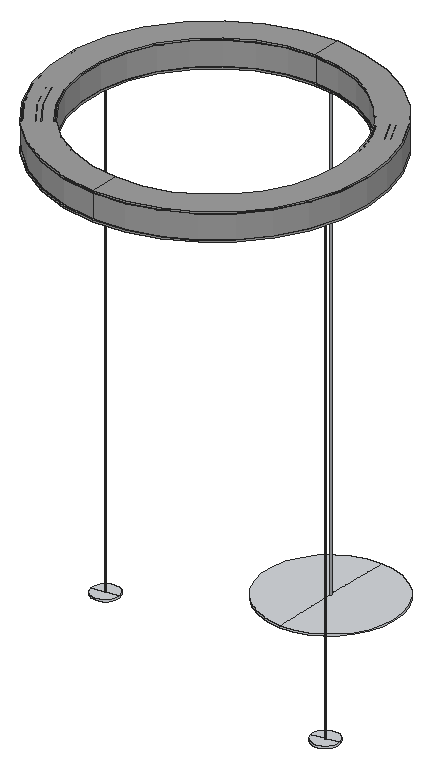
Revit family "VRIO-DPMK", category Lighting Fixtures, host Face, Revit 2022
Family settings
  Host = Face
  Round Connector Dimension = Use Diameter
  Part Type = Normal
  Cut with Voids When Loaded = Yes
  Light Source = Yes
  Maintain Annotation Orientation = No
  Shared = No
  Room Calculation Point = No
Parameters (values of type "VRIO-65W-3000K-DPMK")
  cable = R - 0' 0 1/32"  # 0' - 11 197/256"
  Wattage Comments = "65W"
  Wattage = 30.1598 W
  built-in parameter 1150110 = 1 (stored number, unit not read)
  URL = ""
  built-in parameter 1114217 = 1 (stored number, unit not read)
  Tilt Angle = 90.00°
  built-in parameter 1150109 = 1 (stored number, unit not read)
  built-in parameter 1150134 = (empty or 0)
  Suspension = 3' - 0"
  built-in parameter 1150113 = 1 (stored number, unit not read)
  Power Factor = "0.9"
  Photometric Web File = "VRIO_6524_30901.ies"
  Model = "VRIO-6524-30901-DPMK-WH"
  Manufacturer = "Above All Lighting"  # constant formula
  built-in parameter 1150105 = 526.9 (stored number, unit not read)
  Lumens = 4480 lm
  built-in parameter 1150115 = 1 (stored number, unit not read)
  Load Classification = Lighting
  built-in parameter 1150137 = (empty or 0)
  built-in parameter 1150139 = (empty or 0)
  built-in parameter 1150112 = 1 (stored number, unit not read)
  built-in parameter 1150114 = 1 (stored number, unit not read)
  Lamp = "LED"
  Input Voltage = "120-277V"
  built-in parameter 1150132 = 2
  built-in parameter 1150102 = (empty or 0)
  built-in parameter 1150107 = 3000 (stored number, unit not read)
  built-in parameter 1150138 = (empty or 0)
  built-in parameter 1150106 = 5.269 (stored number, unit not read)
  built-in parameter 1150104 = 13.8 (stored number, unit not read)
  Dimming Lamp Color Temperature Shift = <None>
  Default Elevation = 0' - 0"
  R = 0' - 11 205/256"
  D1R = 0.5 * D1  # 0' - 4.90039"
  D1 = 0' - 9 205/256"
  Color Filter = 16777215
  Canopy R = R - 0' 0 77/128"  # 0' - 11 51/256"
  Cable Count = 2
  CRI = "90"
  Beam Angle = 0.00°
  built-in parameter 1114218 = 1 (stored number, unit not read)
  built-in parameter 1150133 = 10 (stored number, unit not read)
  300W 13.8'' Canopy = no
  200W 13.8'' Canopy = no
  13.8'' Canopy = no
  10'' Canopy 4 = no
  10'' Canopy 3 = no
  10'' Canopy 2 = no
  10'' Canopy 1 = yes
Types (10): name | cable | Wattage Comments | Wattage | Photometric Web File | Model | built-in parameter 1150105 | Lumens | built-in parameter 1150106 | R | D1R | D1 | Canopy R | Cable Count | 300W 13.8'' Canopy | 200W 13.8'' Canopy | 13.8'' Canopy | 10'' Canopy 4 | 10'' Canopy 3 | 10'' Canopy 2 | 10'' Canopy 1
  (no name) | 0' - 11 197/256" | "65W" | 30.1598 W | "VRIO_6524_30901.ies" | "VRIO-6524-30901-DPMK-WH" | 526.9 (stored number, unit not read) | 4480 lm | 5.269 (stored number, unit not read) | 0' - 11 205/256" | 0' - 4.90039" | 0' - 9 205/256" | 0' - 11 51/256" | 2 | no | no | no | no | no | no | yes
  VRIO-65W-3000K-DPMK | 0' - 11 197/256" | "65W" | 30.1598 W | "VRIO_6524_30901.ies" | "VRIO-6524-30901-DPMK-WH" | 526.9 (stored number, unit not read) | 4480 lm | 5.269 (stored number, unit not read) | 0' - 11 205/256" | 0' - 4.90039" | 0' - 9 205/256" | 0' - 11 51/256" | 2 | no | no | no | no | no | no | yes
  VRIO-80W-3000K-DPMK | 1' - 5 171/256" | "80W" | 37.6998 W | "VRIO_8035_30901.ies" | "VRD-5035-30901-ACPMK-WH" | 2188.9 (stored number, unit not read) | 5600 lm | 21.889 (stored number, unit not read) | 1' - 5 179/256" | 0' - 4.90039" | 0' - 9 205/256" | 1' - 5 25/256" | 3 | no | no | no | no | no | yes | no
  VRIO-120W-3000K-DPMK | 1' - 11 73/128" | "120W" | 56.5497 W | "VRIO_12047_30901.ies" | "VRIO-12047-30901-DPMK-WH" | 2489.9 (stored number, unit not read) | 8400 lm | 24.899 (stored number, unit not read) | 1' - 11 77/128" | 0' - 4.90039" | 0' - 9 205/256" | 1' - 11" | 3 | no | no | no | no | no | yes | no
  VRIO-135W-3000K-DPMK | 2' - 5 133/256" | "135W" | 61.2621 W | "VRD_10059_30901.ies" | "VRIO-13559-30901-DPMK-WH" | 1919.8 (stored number, unit not read) | 9100 lm | 19.198 (stored number, unit not read) | 2' - 5 141/256" | 0' - 4.90039" | 0' - 9 205/256" | 2' - 4 243/256" | 3 | no | no | no | no | no | yes | no
  VRIO-150W-3000K-DPMK | 3' - 3 47/128" | "150W" | 70.6871 W | "generic" | "VRIO-15079-30901-DPMK-WH" | 835.56 (stored number, unit not read) | 10500 lm | 8.3556 (stored number, unit not read) | 3' - 3 51/128" | 0' - 4.90039" | 0' - 9 205/256" | 3' - 2 51/64" | 4 | no | no | no | no | yes | no | yes
  VRIO-200W-3000K-DPMK | 4' - 1 43/256" | "200W" | 94.2495 W | "generic" | "VRIO-20098-30901-DPMK-WH" | 1114.1 (stored number, unit not read) | 14000 lm | 11.141 (stored number, unit not read) | 4' - 1 51/256" | 0' - 4.90039" | 0' - 9 205/256" | 4' - 0 153/256" | 6 | no | yes | no | no | no | no | yes
  VRIO-300W-3000K-DPMK | 4' - 11 5/256" | "300W" | 141.374 W | "generic" | "VRIO-300118-30901-DPMK-WH" | 1671.1 (stored number, unit not read) | 21000 lm | 16.711 (stored number, unit not read) | 4' - 11 13/256" | 0' - 4.90039" | 0' - 9 205/256" | 4' - 10 115/256" | 7 | yes | no | no | no | yes | no | yes
  VRIO-400W-3000K-DPMK | 6' - 6 31/32" | "400W" | 188.499 W | "generic" | "VRIO-400158-30901-DPMK-WH" | 2228.2 (stored number, unit not read) | 28000 lm | 22.282 (stored number, unit not read) | 6' - 7" | 0' - 6.90039" | 1' - 1 205/256" | 6' - 6 51/128" | 9 | no | no | no | no | yes | yes | yes
  VRIO-480W-3000K-DPMK | 7' - 8.8058" | "480W" | 226.199 W | "generic" | "VRIO-480197-30901-DPMK-WH" | 2673.8 (stored number, unit not read) | 33600 lm | 26.738 (stored number, unit not read) | 7' - 8.83705" | 0' - 4.90039" | 0' - 9 205/256" | 7' - 8.23548" | 12 | no | no | yes | yes | yes | yes | yes
Reference planes (in)
  plane 1 "Center (Front/Back)": y = 0
  plane 2: z = 0
  plane 3 "Center (Left/Right)": x = 0
  plane 4: y = 11.80078
  plane 5: z = 36
  plane 6: z = 37.44962
  plane 7: y = 9.64234
Forms (in)
  Revolve 1, solid, material "Default"
    sketch origin (0, 0, 59) x (0, 1, 0) y (0, 0, 1)
      loop
        line (11.80078, -20.88075) -> (9.64234, -20.88075) -> (9.64234, -21.006) -> (9.69272, -21.05638) -> (9.69272, -20.95386) -> (9.73676, -20.95386) -> (9.73676, -21.07997) -> (9.77198, -21.07997) -> (9.77198, -20.99895) -> (10.52142, -20.99895) -> (10.52142, -22.8818) -> (9.77198, -22.8818) -> (9.77198, -22.80078) -> (9.73676, -22.80078) -> (9.73676, -22.92689) -> (9.69272, -22.92689) -> (9.69272, -22.82438) -> (9.64234, -22.87476) -> (9.64234, -23) -> (11.80078, -23) -> (11.80078, -22.87476) -> (11.7504, -22.82438) -> (11.7504, -22.92689) -> (11.70636, -22.92689) -> (11.70636, -22.80078) -> (11.67114, -22.80078) -> (11.67114, -22.8818) -> (10.94284, -22.8818) -> (10.94284, -20.99895) -> (11.67114, -20.99895) -> (11.67114, -21.07997) -> (11.70636, -21.07997) -> (11.70636, -20.95386) -> (11.7504, -20.95386) -> (11.7504, -21.05638) -> (11.80078, -21.006) -> (11.80078, -20.88075)
      loop
        line (10.5855, -20.99895) -> (10.5855, -21.66728) -> (10.87876, -21.66728) -> (10.87876, -20.99895) -> (10.5855, -20.99895)
      loop
        line (10.5855, -22.8818) -> (10.87876, -22.8818) -> (10.87876, -22.29542) -> (10.5855, -22.29542) -> (10.5855, -22.8818)
      loop
        line (10.87876, -21.73135) -> (10.5855, -21.73135) -> (10.5855, -22.23135) -> (10.87876, -22.23135) -> (10.87876, -21.73135)
      axis (0, -23) -> (0, -20.88075)
    angle from 0 to 360
  Revolve 2, solid, visible <- "10'' Canopy 1"
    sketch origin (0, 1.75, 0) x (0, 1, 0) y (0, 0, 1)
      loop
        line (14.27896, 0) -> (14.27896, 0.125) -> (9.42154, 0.125) -> (9.42154, 36.17562) -> (9.37857, 36.17562) -> (9.37857, 0) -> (14.27896, 0)
      axis (9.37857, 36.17562) -> (9.37857, 0)
    angle from 0 to 360
  Revolve 3, solid, visible <- "10'' Canopy 3"
    sketch origin (0, -1.75, 0) x (0, -1, 0) y (0, 0, -1)
      loop
        line (14.27896, 0) -> (9.37857, 0) -> (9.37857, -36.07311) -> (9.42154, -36.07311) -> (9.42154, -0.125) -> (14.27896, -0.125) -> (14.27896, 0)
      axis (9.37857, -36.07311) -> (9.37857, 0)
    angle from 0 to 360
  Revolve 4, solid, visible <- "10'' Canopy 2"
    sketch origin (-1.75, 0, 0) x (-1, 0, 0) y (0, 0, -1)
      loop
        line (14.34961, 0) -> (9.44922, 0) -> (9.44922, -36.17562) -> (9.49219, -36.17562) -> (9.49219, -0.125) -> (14.34961, -0.125) -> (14.34961, 0)
      axis (9.44922, -36.17562) -> (9.44922, 0)
    angle from 0 to 360
  Revolve 5, solid
    sketch origin (31.74345, 0.78651, 0) x (-0.984808, -0.173648, 0) y (0, 0, -1)
      loop
        line (22.25, 0) -> (21.25, 0) -> (21.25, -36) -> (21.29297, -36) -> (21.29297, -0.125) -> (22.25, -0.125) -> (22.25, 0)
      axis (21.25, -36) -> (21.25, 0)
    angle from 0 to 360
  Revolve 6, solid
    sketch origin (-31.74345, -0.78651, 0) x (0.984808, 0.173648, 0) y (0, 0, -1)
      loop
        line (22.25, 0) -> (21.25, 0) -> (21.25, -36) -> (21.29297, -36) -> (21.29297, -0.125) -> (22.25, -0.125) -> (22.25, 0)
      axis (21.25, -36) -> (21.25, 0)
    angle from 0 to 360
  Revolve 7, solid, material "Glass, White, High Luminance"
    sketch origin (0, 0, 0) x (0, 1, 0) y (0, 0, 1)
      loop
        line (11.7504, 38.04614) -> (9.69272, 38.04614) -> (9.69272, 36.07311) -> (11.7504, 36.07311) -> (11.7504, 38.04614)
      axis (0, 38.04614) -> (0, 36.07311)
    angle from 0 to 360
  Revolve 8, solid, visible <- "13.8'' Canopy"
    sketch origin (1.23744, 1.23744, 0) x (0.707107, 0.707107, 0) y (0, 0, 1)
      loop
        line (97.31484, 0) -> (97.31484, 0.125) -> (90.45781, 0.125) -> (90.45781, 36.17562) -> (90.41484, 36.17562) -> (90.41484, 0) -> (97.31484, 0)
      axis (90.41484, 36.17562) -> (90.41484, 0)
    angle from 0 to 360
  Revolve 9, solid, visible <- "10'' Canopy 4"
    sketch origin (1.75, 0, 0) x (1, 0, 0) y (0, 0, 1)
      loop
        line (95.31484, 0) -> (95.31484, 0.125) -> (90.45781, 0.125) -> (90.45781, 36.17562) -> (90.41484, 36.17562) -> (90.41484, 0) -> (95.31484, 0)
      axis (90.41484, 36.17562) -> (90.41484, 0)
    angle from 0 to 360
  Revolve 10, solid, visible <- "13.8'' Canopy"
    sketch origin (1.23744, -1.23744, 0) x (0.707107, -0.707107, 0) y (0, 0, 1)
      loop
        line (97.31484, 0) -> (97.31484, 0.125) -> (90.45781, 0.125) -> (90.45781, 36.17562) -> (90.41484, 36.17562) -> (90.41484, 0) -> (97.31484, 0)
      axis (90.41484, 36.17562) -> (90.41484, 0)
    angle from 0 to 360
  Revolve 11, solid, visible <- "200W 13.8'' Canopy"
    sketch origin (-112.53006, -63.93453, 0) x (0.707107, 0.707107, 0) y (0, 0, 1)
      loop
        line (97.31484, 0) -> (97.31484, 0.125) -> (90.45781, 0.125) -> (90.45781, 36.17562) -> (90.41484, 36.17562) -> (90.41484, 0) -> (97.31484, 0)
      axis (90.41484, 36.17562) -> (90.41484, 0)
    angle from 0 to 360
  Revolve 12, solid, visible <- "300W 13.8'' Canopy"
    sketch origin (-122.38346, -63.93331, 0) x (0.707107, 0.707107, 0) y (0, 0, 1)
      loop
        line (97.31484, 0) -> (97.31484, 0.125) -> (90.45781, 0.125) -> (90.45781, 36.17562) -> (90.41484, 36.17562) -> (90.41484, 0) -> (97.31484, 0)
      axis (90.41484, 36.17562) -> (90.41484, 0)
    angle from 0 to 360
Dimensions and locks (in)
  "R": plane 4 to plane 1 "Center (Front/Back)"
  "Suspension": level to plane 5
  locked: plane 6 to plane 5 at 1.44962
  "Canopy R": Revolve 4 sketch curve to imposter light
  plane 4 to plane 7 = 0' - 2.15844"
  locked: Revolve 1 to Revolve 7 sketch curve at 0.05038
  Revolve 3 sketch curve to Revolve 1 = 0' - 0.62924"
  Revolve 1 to Revolve 2 sketch curve = 0' - 0.62924"
  "D1R": Revolve 4 sketch curve to Revolve 4 sketch curve
  "D1R": Revolve 2 sketch curve to Revolve 2 sketch curve
  "D1R": Revolve 3 sketch curve to Revolve 3 sketch curve
  "Canopy R": radius of radial array
  aligned and locked: plane 2 to host face
  aligned and locked: level to host face
  aligned and locked: plane 6 to imposter light
  aligned and locked: plane 4 to Revolve 1 sketch curve
  aligned and locked: Revolve 1 sketch curve to plane 4
  aligned and locked: Revolve 1 sketch curve to plane 7
  aligned and locked: plane 7 to Revolve 1 sketch curve
  aligned and locked: Revolve 7 sketch curve to Revolve 1
  aligned and locked: Revolve 1 to Revolve 7 sketch curve
  aligned and locked: Revolve 3 to Revolve 7
  aligned and locked: Revolve 1 to Revolve 2
  aligned and locked: Revolve 4 to Revolve 1  (x2)
  aligned and locked: Revolve 1 to Revolve 11  (x2)
Automatic sketch dimensions
  Revolve 5 sketch curve to Revolve 5 sketch curve = 0' - 0 11/256"
  Revolve 5 sketch curve to Revolve 5 sketch curve = 0' - 0 245/256"
  Revolve 5 sketch curve to Revolve 5 sketch curve = 0' - 0"  (x3)
  Revolve 5 sketch curve to Revolve 5 sketch curve = 2' - 11 7/8"
  Revolve 5 sketch curve to Revolve 5 sketch curve = 0' - 0 1/8"
  Revolve 6 sketch curve to Revolve 6 sketch curve = 0' - 0 11/256"
  Revolve 6 sketch curve to Revolve 6 sketch curve = 0' - 0 245/256"
  Revolve 6 sketch curve to Revolve 6 sketch curve = 0' - 0"  (x3)
  Revolve 6 sketch curve to Revolve 6 sketch curve = 2' - 11 7/8"
  Revolve 6 sketch curve to Revolve 6 sketch curve = 0' - 0 1/8"
  host sketch curve to host sketch curve = 8' - 0"  (x2)
  Revolve 7 sketch curve to plane 1 "Center (Front/Back)" = 0' - 0"
  Revolve 7 sketch curve to Revolve 7 sketch curve = 0' - 2.05768"
  plane 5 to Revolve 7 sketch curve = 0' - 10.55038"
  plane 6 to Revolve 7 sketch curve = 1' - 0"
  Revolve 8 sketch curve to level = 0' - 0"  (x2)
  plane 5 to Revolve 8 sketch curve = 0' - 0"
  Revolve 8 sketch curve to Revolve 8 sketch curve = 0' - 0 11/256"
  Revolve 8 sketch curve to Revolve 8 sketch curve = 0' - 6.85703"
  level to Revolve 8 sketch curve = 0' - 0 1/8"
  Revolve 8 sketch curve to Revolve 8 sketch curve = 0' - 0.17562"
  Revolve 8 sketch curve to Revolve 8 sketch curve = 0' - 0"
  Revolve 9 sketch curve to level = 0' - 0"  (x2)
  Revolve 9 sketch curve to plane 5 = 0' - 0"
  plane 3 "Center (Left/Right)" to Revolve 9 sketch curve = 7' - 8.16484"
  Revolve 9 sketch curve to Revolve 9 sketch curve = 0' - 0 11/256"
  Revolve 9 sketch curve to Revolve 9 sketch curve = 0' - 4.85703"
  level to Revolve 9 sketch curve = 0' - 0 1/8"
  Revolve 9 sketch curve to Revolve 9 sketch curve = 0' - 0.17562"
  Revolve 9 sketch curve to Revolve 9 sketch curve = 0' - 0"
  Revolve 10 sketch curve to level = 0' - 0"  (x2)
  plane 5 to Revolve 10 sketch curve = 0' - 0"
  Revolve 10 sketch curve to Revolve 10 sketch curve = 0' - 0 11/256"
  Revolve 10 sketch curve to Revolve 10 sketch curve = 0' - 6.85703"
  level to Revolve 10 sketch curve = 0' - 0 1/8"
  Revolve 10 sketch curve to plane 5 = 0' - 0.17562"
  Revolve 10 sketch curve to Revolve 10 sketch curve = 0' - 0"
  Revolve 11 sketch curve to level = 0' - 0"  (x2)
  plane 5 to Revolve 11 sketch curve = 0' - 0"
  Revolve 11 sketch curve to Revolve 11 sketch curve = 0' - 0 11/256"
  Revolve 11 sketch curve to Revolve 11 sketch curve = 0' - 6.85703"
  level to Revolve 11 sketch curve = 0' - 0 1/8"
  Revolve 11 sketch curve to Revolve 11 sketch curve = 0' - 0.17562"
  Revolve 11 sketch curve to Revolve 11 sketch curve = 0' - 0"
  Revolve 12 sketch curve to level = 0' - 0"  (x2)
  plane 5 to Revolve 12 sketch curve = 0' - 0"
  Revolve 12 sketch curve to Revolve 12 sketch curve = 0' - 0 11/256"
  Revolve 12 sketch curve to Revolve 12 sketch curve = 0' - 6.85703"
  level to Revolve 12 sketch curve = 0' - 0 1/8"
  Revolve 12 sketch curve to Revolve 12 sketch curve = 0' - 0.17562"
  Revolve 12 sketch curve to Revolve 12 sketch curve = 0' - 0"
  Revolve 1 sketch curve to plane 1 "Center (Front/Back)" = 0' - 0"
  plane 5 to Revolve 1 sketch curve = 0' - 0"
  Revolve 1 sketch curve to plane 7 = 0' - 0.05038"  (x2)
  Revolve 1 sketch curve to Revolve 1 sketch curve = 0' - 0.04404"  (x4)
  Revolve 1 sketch curve to Revolve 1 sketch curve = 0' - 0.03523"  (x4)
  Revolve 1 sketch curve to Revolve 1 sketch curve = 0' - 0.74944"
  Revolve 1 sketch curve to plane 6 = 0' - 0.18097"
  Revolve 1 sketch curve to Revolve 1 sketch curve = 0' - 0.06407"  (x4)
  Revolve 1 sketch curve to Revolve 1 sketch curve = 0' - 0"  (x7)
  Revolve 1 sketch curve to plane 5 = 0' - 0.1182"
  Revolve 1 sketch curve to Revolve 1 sketch curve = 0' - 0.29327"  (x2)
  Revolve 1 sketch curve to plane 4 = 0' - 0.12964"  (x2)
  Revolve 1 sketch curve to plane 5 = 0' - 0.07311"  (x2)
  Revolve 1 sketch curve to Revolve 1 sketch curve = 0' - 0.05213"  (x3)
  Revolve 1 sketch curve to Revolve 1 sketch curve = 0' - 0.05038"  (x4)
  Revolve 1 sketch curve to Revolve 1 sketch curve = 0' - 0.0236"  (x4)
  Revolve 1 sketch curve to Revolve 1 sketch curve = 0' - 0.56407"
  plane 6 to Revolve 1 sketch curve = 0' - 0.47041"  (x2)
  plane 6 to Revolve 1 sketch curve = 0' - 0.55143"
  Revolve 1 sketch curve to Revolve 1 sketch curve = 0' - 0.04509"
  Revolve 1 sketch curve to Revolve 1 sketch curve = 0' - 0.07311"
  level to Revolve 1 sketch curve = 1' - 0"
  plane 6 to Revolve 1 sketch curve = 0' - 10.55038"
  level to Revolve 2 sketch curve = 0' - 0"  (x2)
  plane 5 to Revolve 2 sketch curve = 0' - 0"
  Revolve 2 sketch curve to Revolve 2 sketch curve = 0' - 0 11/256"
  level to Revolve 2 sketch curve = 0' - 0 1/8"
  Revolve 2 sketch curve to plane 5 = 0' - 0.17562"
  Revolve 2 sketch curve to Revolve 2 sketch curve = 0' - 0"
  Revolve 3 sketch curve to level = 0' - 0"  (x2)
  Revolve 3 sketch curve to plane 5 = 0' - 0"
  Revolve 3 sketch curve to Revolve 3 sketch curve = 0' - 0 11/256"
  Revolve 3 sketch curve to plane 5 = 0' - 0.07311"
  level to Revolve 3 sketch curve = 0' - 0 1/8"
  Revolve 3 sketch curve to Revolve 3 sketch curve = 0' - 0"
  Revolve 4 sketch curve to level = 0' - 0"  (x2)
  Revolve 4 sketch curve to plane 5 = 0' - 0"
  Revolve 4 sketch curve to Revolve 4 sketch curve = 0' - 0 11/256"
  Revolve 4 sketch curve to Revolve 4 sketch curve = 0' - 0.17562"
  level to Revolve 4 sketch curve = 0' - 0 1/8"
  Revolve 4 sketch curve to Revolve 4 sketch curve = 0' - 0"
